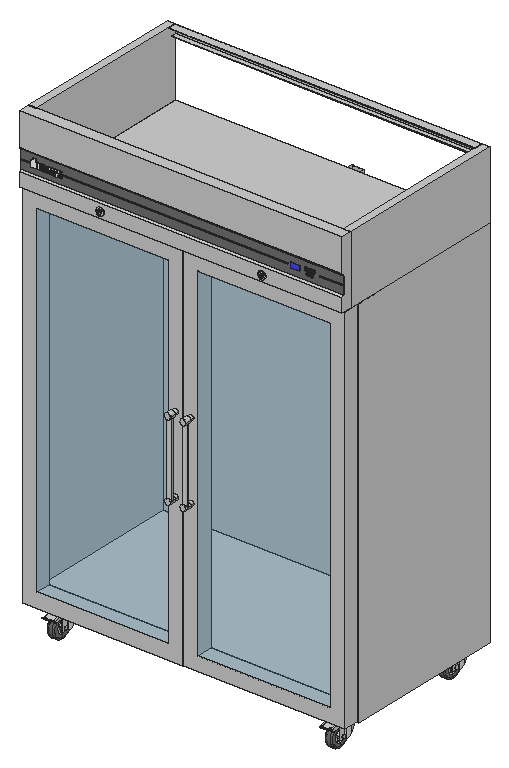
Revit family "QF_INOMAK_CFP2144_GL_250530024923", category Specialty Equipment, Revit 2021
Family settings
  Round Connector Dimension = Use Diameter
  Part Type = Normal
  OmniClass Number = 23.40.40.14
  OmniClass Title = Food Service Equipment
  Work Plane-Based = No
  Always vertical = Yes
  Cut with Voids When Loaded = No
  Shared = No
  Room Calculation Point = No
Parameters (values of type "CFP2144-GL")
  Weight [instance] = 243.00 kg
  Warranty Start Date [instance] = ""
  Warranty Duration [instance] = ""
  Volts [instance] = 230 V
  Volt Free Conn [instance] = no
  URL Recommended Spares List [instance] = ""
  URL Manufacturer [instance] = ""
  URL Cutsheet [instance] = ""
  URL Critical Spares List [instance] = ""
  URL = "www.inomak.com"
  Technical Documentation [instance] = ""
  Tag Number [instance] = ""
  Status [instance] = ""
  Start Up Current [instance] = 0 A
  Specification by User [instance] = ""
  Specification by Manufacturer [instance] = ""
  Sound Level [instance] = ""
  Show Logo [instance] = yes
  Show Clearances [instance] = yes
  Service Life Duration [instance] = ""
  Serial Number [instance] = ""
  Seismic Rating [instance] = ""
  SMACNA No [instance] = ""
  Revision Code [instance] = ""
  Revision [instance] = ""
  Production Year [instance] = ""
  Potential Equalisation [instance] = no
  Point Load [instance] = 0
  Phase [instance] = 1
  Other Equipment Approvals [instance] = ""
  Operational Current [instance] = 0 A
  Number of Poles [instance] = 2
  No Load Power Draw [instance] = no
  NAFEM Spec ID Number [instance] = ""
  Model Warning [instance] = ""
  Model = "CFP2144/GL"
  Min Ckt Ampacity [instance] = 0 A
  Max Overcurrent Protection [instance] = 10 A
  Masterspec [instance] = ""
  Manufacturer = "INOMAK"
  Main switch integrated [instance] = no
  Length Actual [instance] = 1440 mm
  Item Number [instance] = ""
  Installed By [instance] = ""
  Installation Date [instance] = ""
  Identify Quantity as Lot [instance] = no
  ID [instance] = ""
  Hygiene Approval [instance] = ""
  Height Actual [instance] = 2100 mm
  HP power [instance] = ""
  Furnished By [instance] = ""
  Foodservice Equipment Identifier [instance] = no
  FL Amps [instance] = 7.4 A
  Electrical Remarks [instance] = ""
  Electric power [instance] = 1280 W
  Electric Connection Type [instance] = ""
  Elec Conn RI Height [instance] = 0 mm
  Elec Conn Connection Height [instance] = 0 mm
  ETL Approved [instance] = no
  Description = "PRUNUS FREEZER CABINET WITH 2 GN 2/1 GLASS DOORS"
  Depth Actual [instance] = 860 mm
  Default Elevation = 0 mm
  Cycle [instance] = 50 Hz
  Cost = 0
  Connection to energy optimisation system [instance] = yes
  Conn Plug [instance] = ""
  Conn Conduit [instance] = no
  Centralized building control system with digital interface [instance] = ""
  CSI MasterFormat [instance] = ""
  CE Approved [instance] = no
  Barcode [instance] = 0
  Author [instance] = ""
  Asset Identifier [instance] = ""
  Apparent Power [instance] = 1280 VA
  Accessory [instance] = no
Reference planes
  plane 1 "Center (Front/Back)": y = 0
  plane 2: z = 0
  plane 3 "Center (Left/Right)": x = 0
Forms (mm)
  Extrusion 1, solid, not visible
    sketch origin (1210.059, -2, 1930.094) x (1, 0, 0) y (0, 1, 0)
      loop
        line (-2, 2) -> (-2, -2) -> (2, -2) -> (2, 2) -> (-2, 2)
    from -2 to 2
Dimensions and locks
  locked: Extrusion 1 to nested 2
  locked: nested 2 to Extrusion 1 at 2
  aligned and locked: level to plane 2
Nested families
  nested 1: "QF_INOMAK_REF_CABINETS_2144_GL_2920" at (0, 0, 130), type "CFP2144-GL"
    with Weight 243.00 kg, Warranty Start Date "", Warranty Duration "", URL Cutsheet "", Technical Documentation "", Tag Number "", Status "", Specification by User "", Specification by Manufacturer "", Sound Level "", Solid Fuel Type "", Show Clearances yes, Show Clearance yes, Service Life Duration "", Serial Number "", Seismic Rating "", SMACNA No "", Revision Code "", Revision "", Production Year "", Point Load 0, Other Equipment Approvals "", NAFEM Spec ID Number "", Model Warning "", Masterspec "", Length Actual 1440 mm, Item Number "", Installed By "", Installation Date "", Identify Quantity as Lot yes, ID "", Hygiene Approval "", Height Actual 2100 mm, Furnished By "", Foodservice Equipment Identifier yes, Finish none, ETL Approved yes, Depth Actual 860 mm, CSI MasterFormat "", CE Approved yes, Barcode "", Author "", Asset Identifier "", Accessory no
  nested 2: "CONN_POINT_ELE_2D___Generic_Annotation" at (1210.059, 0, 1930.094), type "CONN_POINT_ELE_2D___Generic_Annotation"
    with Onboard connection annotation symbol visibility yes
  nested 3: "QF_INOMAK_CASTORS_4775" at (0, 0, 0), type "CT-1440-830"
    with Weight 0.00 kg, Warranty Start Date "", Warranty Duration "", URL Cutsheet "", Technical Documentation "", Tag Number "", Status "", Specification by User "", Specification by Manufacturer "", Sound Level "", Solid Fuel Type "", Show Logo yes, Show Clearances yes, Service Life Duration "", Serial Number "", Seismic Rating "", SMACNA No "", Revision Code "", Revision "", Production Year "", Point Load 0, Other Equipment Approvals "", NAFEM Spec ID Number "", Model Warning "", Masterspec "", Length Actual 1440 mm, Item Number "", Installed By "", Installation Date "", Identify Quantity as Lot yes, ID "", Hygiene Approval "", Height Actual 130 mm, Furnished By "", Foodservice Equipment Identifier yes, ETL Approved yes, Depth Actual 830 mm, CSI MasterFormat "", CE Approved yes, Barcode "", Author "", Asset Identifier "", Accessory yes
Connectors
  electrical at (1210.059, 0, 1930.094), driven by "Apparent Power", driven by "Number of Poles", driven by "Volts"
    settings: on Extrusion 1, index 1, voltage 230 V, apparent load 0 VA, apparent load phase1 1280 VA, apparent load phase2 0 VA, apparent load phase3 0 VA, power factor 1, load classification "Other", number of poles 2, system type 31, power factor state 1, is connector primary yes, connector utility no, sub classification motor no, connector description "Electrical connection for CFP2144/GL"
Definition of nested family "QF_INOMAK_REF_CABINETS_2144_GL_2920"
  Parameters (values of type "CFP2144-SL-GL")
    Weight [instance] = 0.00 kg
    Warranty Start Date [instance] = ""
    Warranty Duration [instance] = ""
    URL Cutsheet [instance] = ""
    URL = "www.inomak.com"
    Technical Documentation [instance] = ""
    Tag Number [instance] = ""
    Status [instance] = ""
    Specification by User [instance] = ""
    Specification by Manufacturer [instance] = ""
    Sound Level [instance] = ""
    Solid Fuel Type [instance] = ""
    Show Logo = yes
    Show Clearances [instance] = yes
    Show Clearance [instance] = yes
    Service Life Duration [instance] = ""
    Serial Number [instance] = ""
    Seismic Rating [instance] = ""
    SMACNA No [instance] = ""
    Revision Code [instance] = ""
    Revision [instance] = ""
    Production Year [instance] = ""
    Point Load [instance] = 0
    Other Equipment Approvals [instance] = ""
    NAFEM Spec ID Number [instance] = ""
    Model Warning [instance] = ""
    Model = "CFP2144/SL/GL"
    Masterspec [instance] = ""
    Manufacturer = "INOMAK"
    Length Actual [instance] = 0 mm
    Length = 720 mm
    Item Number [instance] = ""
    Installed By [instance] = ""
    Installation Date [instance] = ""
    Identify Quantity as Lot [instance] = yes
    ID [instance] = ""
    Hygiene Approval [instance] = ""
    Height Actual [instance] = 0 mm
    Height = 1985 mm
    Furnished By [instance] = ""
    Foodservice Equipment Identifier [instance] = yes
    Finish [instance] = none
    ETL Approved [instance] = yes
    Description = "PRUNUS FREEZER CABINET WITH 2 GLASS DOORS, COMPACT DIMENSIONS"
    Depth Actual [instance] = 0 mm
    Depth = 724 mm
    Default Elevation = 0 mm
    CSI MasterFormat [instance] = ""
    CE Approved [instance] = yes
    Barcode [instance] = ""
    Author [instance] = ""
    Asset Identifier [instance] = ""
    Assembly Code = "E1090320"
    Accessory [instance] = yes
  Types (4, lengths in mm): name | Model | Description | Depth
    CEP2144-GL | "CEP2144/GL" | "PRUNUS CHILLER CABINET WITH 2 GN 2/1 GLASS DOORS" | 824
    CFP2144-GL | "CFP2144/GL" | "PRUNUS FREEZER CABINET WITH 2 GN 2/1 GLASS DOORS" | 824
    CEP2144-SL-GL | "CEP2144/SL/GL" | "PRUNUS CHILLER CABINET WITH 2 GLASS DOORS, COMPACT DIMENSIONS" | 724
    CFP2144-SL-GL | "CFP2144/SL/GL" | "PRUNUS FREEZER CABINET WITH 2 GLASS DOORS, COMPACT DIMENSIONS" | 724
  Reference planes
    plane 1 "Back": y = 0
    plane 2: z = 0
    plane 3 "Left": x = 0
    plane 4 "Right": x = 1440
    plane 5 "Front": y = -724
    plane 6 "Top": z = 1985
  Forms (mm)
    Extrusion 1, solid
      sketch origin (-1732.685, -724, 3995) x (-1, 0, 0) y (0, 0, 1)
        loop
          circle (-3004.815, -2199.02) r 6.965
        loop
          circle (-3021.846, -2199.02) r 6.965
        loop
          circle (-3038.855, -2199.02) r 6.965
        loop
          circle (-3013.341, -2217.021) r 6.965
        loop
          circle (-3030.35, -2217.021) r 6.965
        loop
          circle (-3004.815, -2199.02) r 3.965
        loop
          circle (-3021.846, -2199.02) r 3.965
        loop
          circle (-3038.855, -2199.02) r 3.965
        loop
          circle (-3013.341, -2217.021) r 3.965
        loop
          circle (-3030.35, -2217.021) r 3.965
      from 7.3 to 10.302
    Extrusion 2, solid
      sketch origin (-1732.685, -724, 3995) x (-1, 0, 0) y (0, 0, 1)
        loop
          line (-2977.026, -2195.289) -> (-2977.026, -2218.289) -> (-2937.026, -2218.289) -> (-2937.026, -2195.289) -> (-2977.026, -2195.289)
      from 7.3 to 10.302
    Extrusion 3, solid
      sketch origin (-1732.685, -724, 3995) x (-1, 0, 0) y (0, 0, 1)
        loop
          line (-1732.685, -2167.27) -> (-3172.685, -2167.27) -> (-3172.685, -2246.309) -> (-1732.685, -2246.309) -> (-1732.685, -2167.27)
      from 7.8 to 10.302
    Extrusion 4, solid, visible <- "Show Logo"
      sketch origin (-1732.685, -724, 3995) x (-1, 0, 0) y (0, 0, 1)
        loop
          line (-1776.745, -2194.74) -> (-1782.745, -2194.74) -> (-1782.745, -2183.633) -> (-1796.982, -2183.633) -> (-1796.982, -2194.74) -> (-1802.982, -2194.74) -> (-1802.982, -2220.99) -> (-1776.745, -2220.99) -> (-1776.745, -2194.74)
        loop
          line (-1807.298, -2195.052) -> (-1814.587, -2195.052) -> (-1814.587, -2220.99) -> (-1807.298, -2220.99) -> (-1807.298, -2195.052)
        loop
          line (-1817.107, -2220.99) -> (-1817.107, -2195.052) -> (-1823.94, -2195.052) -> (-1827.134, -2206.971) -> (-1827.134, -2195.052) -> (-1833.666, -2195.052) -> (-1833.666, -2220.99) -> (-1827.134, -2220.99) -> (-1823.42, -2207.127) -> (-1823.42, -2220.99) -> (-1817.107, -2220.99)
        loop
          line (-1854.348, -2220.99) -> (-1854.348, -2195.052) -> (-1863.311, -2195.052) -> (-1865.673, -2209.062) -> (-1868.035, -2195.052) -> (-1876.997, -2195.052) -> (-1876.997, -2220.99) -> (-1870.372, -2220.99) -> (-1870.372, -2207.127) -> (-1868.035, -2220.99) -> (-1863.311, -2220.99) -> (-1860.973, -2207.127) -> (-1860.973, -2220.99) -> (-1854.348, -2220.99)
        loop
          line (-1839.536, -2195.052) -> (-1848.861, -2195.052)
          arc (-1848.861, -2195.052) -> (-1851.458, -2196.128) -> (-1852.533, -2198.724) r 3.672
          line (-1852.533, -2198.724) -> (-1852.533, -2217.318)
          arc (-1852.533, -2217.318) -> (-1851.458, -2219.914) -> (-1848.861, -2220.99) r 3.672
          line (-1848.861, -2220.99) -> (-1839.536, -2220.99)
          arc (-1839.536, -2220.99) -> (-1836.939, -2219.914) -> (-1835.864, -2217.318) r 3.672
          line (-1835.864, -2217.318) -> (-1835.864, -2198.724)
          arc (-1835.864, -2198.724) -> (-1836.939, -2196.128) -> (-1839.536, -2195.052) r 3.672
        loop
          arc (-1843.172, -2198.208) -> (-1844.198, -2197.181) -> (-1845.225, -2198.208) r 1.027
          line (-1845.225, -2198.208) -> (-1845.225, -2216.801)
          arc (-1845.225, -2216.801) -> (-1844.198, -2217.828) -> (-1843.172, -2216.801) r 1.027
          line (-1843.172, -2216.801) -> (-1843.172, -2198.208)
        loop
          line (-1878.066, -2220.99) -> (-1882.439, -2195.052) -> (-1891.3, -2195.052) -> (-1895.673, -2220.99) -> (-1889.146, -2220.99) -> (-1888.536, -2216.027) -> (-1885.203, -2216.027) -> (-1884.593, -2220.99) -> (-1878.066, -2220.99)
        loop
          line (-1885.759, -2211.498) -> (-1886.87, -2202.452) -> (-1887.98, -2211.498) -> (-1885.759, -2211.498)
        loop
          line (-1896.638, -2220.99) -> (-1896.638, -2195.052) -> (-1903.263, -2195.052) -> (-1903.263, -2204.165) -> (-1906.049, -2195.052) -> (-1913.487, -2195.052) -> (-1909.159, -2206.329) -> (-1914.207, -2220.99) -> (-1906.623, -2220.99) -> (-1903.263, -2208.45) -> (-1903.263, -2220.99) -> (-1896.638, -2220.99)
      from 7.3 to 10.3
    Extrusion 5, solid
      sketch origin (-1732.685, -724, 3995) x (-1, 0, 0) y (0, 0, 1)
        loop
          line (-1732.685, -2204.789) -> (-1769.679, -2204.789) -> (-1769.679, -2208.789) -> (-1732.685, -2208.789) -> (-1732.685, -2204.789)
        loop
          line (-1918.161, -2204.789) -> (-2922.526, -2204.789) -> (-2922.526, -2208.789) -> (-1918.161, -2208.789) -> (-1918.161, -2204.789)
        loop
          line (-3172.685, -2204.789) -> (-3172.685, -2208.789) -> (-3064.916, -2208.789) -> (-3064.916, -2204.789) -> (-3172.685, -2204.789)
      from 7.3 to 10.302
    Extrusion 6, solid, material <- "Finish"
      sketch origin (0, 24.612, -1987) x (0, 1, 0) y (0, 0, 1)
        loop
          line (-748.612, 3972) -> (-748.612, 3823.032) -> (-740.31, 3814.73) -> (-740.31, 3735.691) -> (-748.612, 3727.389) -> (-748.612, 3667) -> (-698.612, 3667) -> (-698.612, 3972) -> (-748.612, 3972)
      from 0 to 1440
    Extrusion 7, solid, material <- "Finish"
      sketch origin (0, 1874.371, 1985) x (0, 1, 0) y (-1, 0, 0)
        loop
          line (-2548.371, 0) -> (-2548.371, -35) -> (-1874.371, -35) -> (-1874.371, 0) -> (-2548.371, 0)
      from 0 to -305
    Extrusion 8, solid, material <- "Finish"
      sketch origin (0, 1874.371, 1985) x (0, 1, 0) y (-1, 0, 0)
        loop
          line (-2548.371, -1440) -> (-1874.371, -1440) -> (-1874.371, -1405) -> (-2548.371, -1405) -> (-2548.371, -1440)
      from 0 to -305
    Extrusion 9, solid, material <- "Finish"
      sketch origin (360, 24.612, -1987) x (0, 1, 0) y (0, 0, 1)
        loop
          line (-698.612, 3863.915) -> (-698.612, 3667) -> (-578.934, 3667) -> (-578.934, 3744.237) -> (-698.612, 3863.915)
      from -325 to 1045
    Extrusion 10, solid, material <- "Finish"
      sketch origin (40, 24.612, -123) x (0, 1, 0) y (0, 0, 1)
        loop
          line (-575.378, 1913.946) -> (-590.935, 1929.502) -> (-609.143, 1911.294) -> (-607.729, 1909.88) -> (-590.935, 1926.674) -> (-576.793, 1912.532) -> (-575.378, 1913.946)
      from 114.953 to 225
    Extrusion 11, solid, material <- "Finish"
      sketch origin (0, 30.903, -1982) x (0, 1, 0) y (0, 0, 1)
        loop
          line (-30.903, 3967) -> (-70.903, 3967) -> (-70.903, 3965) -> (-32.903, 3965) -> (-32.903, 3929) -> (-55.903, 3929) -> (-55.903, 3927) -> (-30.903, 3927) -> (-30.903, 3967)
      from 35 to 1405
    Extrusion 12, solid, material <- "Finish"
      sketch origin (0, 30.903, -118) x (0, 1, 0) y (0, 0, 1)
        loop
          line (-30.903, 1798) -> (-664.903, 1798) -> (-664.903, 1733) -> (-100.876, 1733) -> (-100.876, 188) -> (-664.903, 188) -> (-664.903, 118) -> (-30.903, 118) -> (-30.903, 1798)
      from 35 to 1405
    Extrusion 13, solid, material <- "Finish"
      sketch origin (0, 30.903, -415.687) x (1, 0, 0) y (0, 1, 0)
        loop
          line (0, -664.903) -> (35, -664.903) -> (35, -30.903) -> (0, -30.903) -> (0, -664.903)
      from 415.687 to 2095.687
    Extrusion 14, solid, material <- "Finish"
      sketch origin (720, 30.903, -415.687) x (-1, 0, 0) y (0, -1, 0)
        loop
          line (-720, 664.903) -> (-720, 30.903) -> (-685, 30.903) -> (-685, 664.903) -> (-720, 664.903)
      from 415.687 to 2095.687
    Revolve 15, solid
      sketch origin (358.942, 24.612, -1987) x (0, 1, 0) y (0, 0, 1)
        loop
          line (-751.012, 3694.152) -> (-748.612, 3694.152) -> (-748.612, 3711.145) -> (-749.612, 3711.145) -> (-753.012, 3706.633) -> (-753.012, 3702.998) -> (-751.012, 3702.998) -> (-751.012, 3694.152)
        axis (-748.612, 3694.152) -> (-753.012, 3694.152)
      angle from 0 to 360
    Extrusion 16, solid
      sketch origin (-2452.685, -724, 3995) x (-1, 0, 0) y (0, 0, 1)
        loop
          line (-2810.827, -2284.348) -> (-2812.827, -2284.348) -> (-2812.827, -2291.348) -> (-2810.827, -2291.348) -> (-2810.827, -2284.348)
        loop
          circle (-2811.627, -2287.848) r 7.846
      from -4.4 to -2.4
    Revolve 17, solid
      sketch origin (1081.058, 24.612, -1987) x (0, 1, 0) y (0, 0, -1)
        loop
          line (-751.012, -3694.152) -> (-751.012, -3702.998) -> (-753.012, -3702.998) -> (-753.012, -3706.633) -> (-749.612, -3711.145) -> (-748.612, -3711.145) -> (-748.612, -3694.152) -> (-751.012, -3694.152)
        axis (-748.612, -3694.152) -> (-753.012, -3694.152)
      angle from 0 to 360
    Extrusion 18, solid
      sketch origin (3892.685, -724, 3995) x (1, 0, 0) y (0, 0, -1)
        loop
          line (-2810.827, 2284.348) -> (-2810.827, 2291.348) -> (-2812.827, 2291.348) -> (-2812.827, 2284.348) -> (-2810.827, 2284.348)
        loop
          circle (-2811.627, 2287.848) r 7.846
      from -4.4 to -2.4
    Extrusion 19, solid, material <- "Finish"
      sketch origin (1400, 24.612, -123) x (0, 1, 0) y (0, 0, -1)
        loop
          line (-575.378, -1913.946) -> (-576.793, -1912.532) -> (-590.935, -1926.674) -> (-607.729, -1909.88) -> (-609.143, -1911.294) -> (-590.935, -1929.502) -> (-575.378, -1913.946)
      from 114.953 to 225
    Extrusion 20, solid, visible <- "Show Clearance", detail levels coarse
      sketch origin (872.304, -180, -18) x (-1, 0, 0) y (0, -1, 0)
        loop
          line (872.304, 1194) -> (804.804, 1194)
          arc (804.804, 1194) -> (343.136, 995.768) -> (154.74, 530) r 660.076
          line (154.74, 530) -> (872.304, 530) -> (872.304, 1194)
      from 28 to 1695
    Extrusion 21, solid, visible <- "Show Clearance", detail levels coarse
      sketch origin (567.696, -180, -18) x (1, 0, 0) y (0, 1, 0)
        loop
          line (872.304, -1194) -> (872.304, -530) -> (154.74, -530)
          arc (154.74, -530) -> (343.136, -995.768) -> (804.804, -1194) r 660.076
          line (804.804, -1194) -> (872.304, -1194)
      from 28 to 1695
    Extrusion 22, solid, material <- "Finish"
      sketch origin (-1732.685, -724, 4000) x (-1, 0, 0) y (0, 0, 1)
        loop
          line (-2450.185, -2323) -> (-2450.185, -3990) -> (-1732.685, -3990) -> (-1732.685, -2323) -> (-2450.185, -2323)
        loop
          line (-2387.435, -2387) -> (-2387.435, -3926) -> (-1795.435, -3926) -> (-1795.435, -2387) -> (-2387.435, -2387)
      from 14 to 84
    Extrusion 23, solid
      sketch origin (-1732.685, -724, 4000) x (-1, 0, 0) y (0, 0, 1)
        loop
          circle (-2418.185, -2984) r 13
      from -6 to -31
    Extrusion 24, solid
      sketch origin (-1732.685, -724, 4000) x (-1, 0, 0) y (0, 0, 1)
        loop
          circle (-2418.185, -2984) r 10
      from -6 to 14
    Extrusion 25, solid
      sketch origin (-1732.685, -724, 4000) x (-1, 0, 0) y (0, 0, 1)
        loop
          circle (-2418.185, -3326) r 13
      from -6 to -31
    Extrusion 26, solid
      sketch origin (-1732.685, -724, 4000) x (-1, 0, 0) y (0, 0, 1)
        loop
          circle (-2418.185, -3326) r 10
      from -6 to 14
    Extrusion 27, solid
      sketch origin (717.5, -836, 0) x (-1, 0, 0) y (0, -1, 0)
        loop
          circle (32, -93.5) r 10
      from 673.205 to 1013.123
    Extrusion 28, solid
      sketch origin (-1732.685, -724, 4000) x (-1, 0, 0) y (0, 0, 1)
        loop
          line (-2387.435, -2387) -> (-2387.435, -3926) -> (-1795.435, -3926) -> (-1795.435, -2387) -> (-2387.435, -2387)
      from 14 to 84
    Extrusion 29, solid, material <- "Finish"
      sketch origin (-1732.685, -724, 4000) x (-1, 0, 0) y (0, 0, 1)
        loop
          line (-2455.185, -2323) -> (-3172.685, -2323) -> (-3172.685, -3990) -> (-2455.185, -3990) -> (-2455.185, -2323)
        loop
          line (-2517.935, -2387) -> (-3109.935, -2387) -> (-3109.935, -3926) -> (-2517.935, -3926) -> (-2517.935, -2387)
      from 14 to 84
    Extrusion 30, solid
      sketch origin (-1732.685, -724, 4000) x (-1, 0, 0) y (0, 0, 1)
        loop
          circle (-2487.185, -2984) r 13
      from -6 to -31
    Extrusion 31, solid
      sketch origin (-1732.685, -724, 4000) x (-1, 0, 0) y (0, 0, 1)
        loop
          circle (-2487.185, -2984) r 10
      from -6 to 14
    Extrusion 32, solid
      sketch origin (-1732.685, -724, 4000) x (-1, 0, 0) y (0, 0, 1)
        loop
          circle (-2487.185, -3326) r 13
      from -6 to -31
    Extrusion 33, solid
      sketch origin (-1732.685, -724, 4000) x (-1, 0, 0) y (0, 0, 1)
        loop
          circle (-2487.185, -3326) r 10
      from -6 to 14
    Extrusion 34, solid
      sketch origin (722.5, -836, 0) x (1, 0, 0) y (0, 1, 0)
        loop
          circle (32, 93.5) r 10
      from 673.205 to 1013.123
    Extrusion 35, solid
      sketch origin (-1732.685, -724, 4000) x (-1, 0, 0) y (0, 0, 1)
        loop
          line (-2517.935, -2387) -> (-3109.935, -2387) -> (-3109.935, -3926) -> (-2517.935, -3926) -> (-2517.935, -2387)
      from 14 to 84
    Extrusion 36, solid, material <- "Finish"
      sketch origin (360, 30.903, -118) x (1, 0, 0) y (0, 1, 0)
        loop
          line (187, 5.097) -> (187, -29.903) -> (175, -29.903) -> (175, -30.903) -> (545, -30.903) -> (545, -29.903) -> (533, -29.903) -> (533, 5.097) -> (187, 5.097)
      from 1156 to 1531
    Extrusion 37, solid, material <- "Finish"
      sketch origin (460, 30.903, -118) x (1, 0, 0) y (0, 1, 0)
        loop
          line (339, 0.097) -> (339, -29.903) -> (325, -29.903) -> (325, -30.903) -> (340, -30.903) -> (340, -0.903) -> (393, -0.903) -> (393, -30.903) -> (408, -30.903) -> (408, -29.903) -> (394, -29.903) -> (394, 0.097) -> (339, 0.097)
      from 1531 to 1793
  Lines and regions (mm)
    symbolic lines
      curve 1: line (0, 0, 0) -> (1440, 0, 0)
      curve 2: line (0, -724, 0) -> (0, 0, 0)
      curve 3: line (1440, -724, 0) -> (0, -724, 0)
      curve 4: line (1440, 0, 0) -> (1440, -724, 0)
      curve 5: line (35, 0, 0) -> (35, -674, 0)
      curve 6: line (35, -674, 0) -> (1405, -674, 0)
      curve 7: line (1405, -674, 0) -> (1405, 0, 0)
      curve 8: line (35, -40, 0) -> (1405, -40, 0)
      curve 9: line (35, -554.322, 0) -> (1405, -554.322, 0)
      curve 16: line (547, 1, 0) -> (547, 36, 0)
      curve 17: line (547, 36, 0) -> (893, 36, 0)
      curve 18: line (893, 36, 0) -> (893, 1, 0)
      curve 19: line (547, 1, 0) -> (535, 1, 0)
      curve 20: line (535, 1, 0) -> (535, 0, 0)
      curve 21: line (893, 1, 0) -> (905, 1, 0)
      curve 22: line (905, 1, 0) -> (905, 0, 0)
      curve 23: line (785, 0, 0) -> (785, 1, 0)
      curve 24: line (785, 1, 0) -> (799, 1, 0)
      curve 25: line (799, 1, 0) -> (799, 31, 0)
      curve 26: line (799, 31, 0) -> (854, 31, 0)
      curve 27: line (854, 31, 0) -> (854, 1, 0)
      curve 28: line (854, 1, 0) -> (868, 1, 0)
      curve 29: line (868, 1, 0) -> (868, 0, 0)
    symbolic lines, visible <- "Show Clearance"
      curve 10: line (67.5, -1374, 0) -> (0, -1374, 0)
      curve 11: line (0, -1374, 0) -> (0, -724, 0)
      curve 12: arc (717.5, -724, 0) -> (524.244, -1180.744, 0) -> (67.5, -1374, 0) r 660.076
      curve 13: line (1372.5, -1374, 0) -> (1440, -1374, 0)
      curve 14: line (1440, -1374, 0) -> (1440, -724, 0)
      curve 15: arc (722.5, -724, 0) -> (915.756, -1180.744, 0) -> (1372.5, -1374, 0) r 660.076
  Dimensions and locks
    plane 3 "Left" to plane 4 "Right" = 1440 mm
    "Depth": plane 5 "Front" to plane 1 "Back"
    "Height": plane 6 "Top" to level
    plane 6 "Top" to level = 1985 mm
    aligned and locked: level to plane 2
  Automatic sketch dimensions
    curve 11 to plane 3 "Left" = 0 mm
    plane 1 "Back" to curve 5 = 0 mm
    curve 12 to plane 5 "Front" = 0 mm
    curve 13 to plane 4 "Right" = 0 mm
    plane 3 "Left" to curve 6 = 35 mm
    plane 5 "Front" to curve 12 = 10 mm
    curve 5 to curve 12 = 22.5 mm
    curve 10 to curve 10 = 67.5 mm
    plane 4 "Right" to curve 13 = 67.5 mm
    plane 5 "Front" to curve 15 = 10 mm
    plane 4 "Right" to curve 15 = 57.5 mm
    plane 4 "Right" to curve 6 = 35 mm
    curve 11 to plane 5 "Front" = 650 mm
    curve 14 to plane 5 "Front" = 650 mm
    curve 15 to curve 6 = 40 mm
    plane 1 "Back" to curve 8 = 40 mm
    Extrusion 1 sketch curve to Extrusion 1 sketch curve = 0 mm  (x13)
    plane 4 "Right" to Extrusion 1 sketch curve = 133.83 mm
    Extrusion 1 sketch curve to Extrusion 1 sketch curve = 8.505 mm
    Extrusion 1 sketch curve to Extrusion 1 sketch curve = 17.009 mm  (x2)
    Extrusion 1 sketch curve to Extrusion 1 sketch curve = 17.03 mm
    Extrusion 1 sketch curve to plane 6 "Top" = 207.021 mm
    Extrusion 1 sketch curve to Extrusion 1 sketch curve = 18.001 mm
    plane 4 "Right" to Extrusion 2 sketch curve = 195.659 mm
    Extrusion 2 sketch curve to Extrusion 2 sketch curve = 40 mm
    Extrusion 2 sketch curve to plane 6 "Top" = 208.289 mm
    Extrusion 2 sketch curve to Extrusion 2 sketch curve = 23 mm
    plane 4 "Right" to Extrusion 3 sketch curve = 0 mm
    Extrusion 3 sketch curve to plane 3 "Left" = 0 mm
    Extrusion 3 sketch curve to plane 6 "Top" = 236.309 mm
    Extrusion 3 sketch curve to Extrusion 3 sketch curve = 79.039 mm
    plane 3 "Left" to Extrusion 4 sketch curve = 181.522 mm
    Extrusion 4 sketch curve to Extrusion 4 sketch curve = 0.72 mm
    Extrusion 4 sketch curve to Extrusion 4 sketch curve = 4.329 mm
    Extrusion 4 sketch curve to Extrusion 4 sketch curve = 7.584 mm
    Extrusion 4 sketch curve to Extrusion 4 sketch curve = 7.438 mm
    Extrusion 4 sketch curve to Extrusion 4 sketch curve = 5.895 mm
    Extrusion 4 sketch curve to Extrusion 4 sketch curve = 0 mm  (x16)
    Extrusion 4 sketch curve to Extrusion 4 sketch curve = 6.625 mm  (x2)
    Extrusion 4 sketch curve to Extrusion 4 sketch curve = 0.965 mm
    Extrusion 4 sketch curve to Extrusion 4 sketch curve = 5.338 mm
    Extrusion 4 sketch curve to Extrusion 4 sketch curve = 6.527 mm  (x2)
    Extrusion 4 sketch curve to Extrusion 4 sketch curve = 0.609 mm
    Extrusion 4 sketch curve to Extrusion 4 sketch curve = 0.556 mm
    Extrusion 4 sketch curve to Extrusion 4 sketch curve = 4.43 mm  (x2)
    Extrusion 4 sketch curve to Extrusion 4 sketch curve = 2.222 mm
    Extrusion 4 sketch curve to Extrusion 4 sketch curve = 3.334 mm
    Extrusion 4 sketch curve to Extrusion 4 sketch curve = 4.552 mm
    Extrusion 4 sketch curve to Extrusion 4 sketch curve = 1.069 mm
    Extrusion 4 sketch curve to Extrusion 4 sketch curve = 8.962 mm  (x2)
    Extrusion 4 sketch curve to Extrusion 4 sketch curve = 2.337 mm
    Extrusion 4 sketch curve to Extrusion 4 sketch curve = 4.699 mm  (x2)
    Extrusion 4 sketch curve to Extrusion 4 sketch curve = 4.724 mm  (x2)
    Extrusion 4 sketch curve to Extrusion 4 sketch curve = 1.815 mm
    Extrusion 4 sketch curve to Extrusion 4 sketch curve = 3.672 mm  (x6)
    Extrusion 4 sketch curve to Extrusion 4 sketch curve = 3.636 mm  (x3)
    Extrusion 4 sketch curve to Extrusion 4 sketch curve = 1.027 mm
    Extrusion 4 sketch curve to Extrusion 4 sketch curve = 2.197 mm
    Extrusion 4 sketch curve to Extrusion 4 sketch curve = 6.532 mm  (x2)
    Extrusion 4 sketch curve to Extrusion 4 sketch curve = 3.194 mm
    Extrusion 4 sketch curve to Extrusion 4 sketch curve = 3.714 mm
    Extrusion 4 sketch curve to Extrusion 4 sketch curve = 6.312 mm
    Extrusion 4 sketch curve to Extrusion 4 sketch curve = 2.52 mm
    Extrusion 4 sketch curve to Extrusion 4 sketch curve = 7.29 mm
    Extrusion 4 sketch curve to Extrusion 4 sketch curve = 4.315 mm
    Extrusion 4 sketch curve to Extrusion 4 sketch curve = 6 mm
    Extrusion 4 sketch curve to Extrusion 4 sketch curve = 14.237 mm
    Extrusion 4 sketch curve to Extrusion 4 sketch curve = 26.237 mm
    Extrusion 4 sketch curve to plane 6 "Top" = 210.99 mm
    Extrusion 4 sketch curve to Extrusion 4 sketch curve = 0.516 mm  (x2)
    Extrusion 4 sketch curve to Extrusion 4 sketch curve = 4.963 mm
    Extrusion 4 sketch curve to Extrusion 4 sketch curve = 4.529 mm
    Extrusion 4 sketch curve to Extrusion 4 sketch curve = 11.927 mm
    Extrusion 4 sketch curve to Extrusion 4 sketch curve = 12.539 mm
    Extrusion 4 sketch curve to Extrusion 4 sketch curve = 1.935 mm  (x2)
    Extrusion 4 sketch curve to Extrusion 4 sketch curve = 13.862 mm
    Extrusion 4 sketch curve to Extrusion 4 sketch curve = 0.157 mm
    Extrusion 4 sketch curve to Extrusion 4 sketch curve = 2.122 mm
    Extrusion 4 sketch curve to Extrusion 4 sketch curve = 4.285 mm
    Extrusion 4 sketch curve to Extrusion 4 sketch curve = 9.047 mm
    Extrusion 4 sketch curve to Extrusion 4 sketch curve = 8.403 mm
    Extrusion 4 sketch curve to Extrusion 4 sketch curve = 12.075 mm
    Extrusion 4 sketch curve to Extrusion 4 sketch curve = 26.25 mm
    Extrusion 4 sketch curve to Extrusion 4 sketch curve = 0.312 mm
    Extrusion 4 sketch curve to Extrusion 4 sketch curve = 11.107 mm
    plane 4 "Right" to Extrusion 5 sketch curve = 0 mm
    Extrusion 5 sketch curve to plane 3 "Left" = 0 mm
    Extrusion 5 sketch curve to Extrusion 5 sketch curve = 107.768 mm
    Extrusion 5 sketch curve to Extrusion 5 sketch curve = 142.39 mm
    plane 3 "Left" to Extrusion 5 sketch curve = 185.476 mm
    plane 3 "Left" to Extrusion 5 sketch curve = 36.995 mm
    Extrusion 5 sketch curve to plane 6 "Top" = 198.789 mm
    Extrusion 5 sketch curve to Extrusion 5 sketch curve = 0 mm  (x2)
    Extrusion 5 sketch curve to Extrusion 5 sketch curve = 4 mm  (x3)
    Extrusion 6 sketch curve to plane 5 "Front" = 0 mm  (x2)
    Extrusion 6 sketch curve to plane 6 "Top" = 0 mm
    plane 5 "Front" to Extrusion 6 sketch curve = 8.302 mm
    Extrusion 6 sketch curve to Extrusion 6 sketch curve = 50 mm
    Extrusion 6 sketch curve to plane 6 "Top" = 148.968 mm
    Extrusion 6 sketch curve to Extrusion 6 sketch curve = 8.302 mm  (x2)
    Extrusion 6 sketch curve to Extrusion 6 sketch curve = 79.039 mm
    Extrusion 6 sketch curve to Extrusion 6 sketch curve = 60.389 mm
    plane 5 "Front" to Extrusion 9 sketch curve = 50 mm
    Extrusion 9 sketch curve to Extrusion 9 sketch curve = 119.678 mm
    Extrusion 9 sketch curve to plane 6 "Top" = 305 mm
    Extrusion 9 sketch curve to Extrusion 9 sketch curve = 77.237 mm
    Extrusion 9 sketch curve to plane 6 "Top" = 108.085 mm
    plane 5 "Front" to Extrusion 10 sketch curve = 139.47 mm
    Extrusion 10 sketch curve to Extrusion 10 sketch curve = 1.414 mm  (x2)
    Extrusion 10 sketch curve to Extrusion 10 sketch curve = 16.794 mm
    Extrusion 10 sketch curve to Extrusion 10 sketch curve = 0 mm
    Extrusion 10 sketch curve to Extrusion 10 sketch curve = 14.142 mm
    Extrusion 10 sketch curve to plane 6 "Top" = 198.12 mm
    Extrusion 11 sketch curve to plane 6 "Top" = 0 mm
    Extrusion 11 sketch curve to plane 1 "Back" = 0 mm
    plane 1 "Back" to Extrusion 11 sketch curve = 2 mm
    Extrusion 11 sketch curve to Extrusion 11 sketch curve = 23 mm
    Extrusion 11 sketch curve to Extrusion 11 sketch curve = 38 mm
    Extrusion 11 sketch curve to Extrusion 11 sketch curve = 2 mm  (x2)
    Extrusion 11 sketch curve to Extrusion 11 sketch curve = 36 mm
    Extrusion 12 sketch curve to level = 0 mm
    Extrusion 12 sketch curve to plane 1 "Back" = 0 mm
    plane 1 "Back" to Extrusion 12 sketch curve = 69.973 mm
    plane 5 "Front" to Extrusion 12 sketch curve = 90 mm  (x2)
    level to Extrusion 12 sketch curve = 70 mm
    Extrusion 12 sketch curve to plane 6 "Top" = 370 mm
    Extrusion 12 sketch curve to Extrusion 12 sketch curve = 65 mm
    plane 1 "Back" to Extrusion 13 sketch curve = 0 mm
    Extrusion 13 sketch curve to plane 3 "Left" = 0 mm
    plane 3 "Left" to Extrusion 13 sketch curve = 35 mm
    plane 5 "Front" to Extrusion 13 sketch curve = 90 mm
    plane 1 "Back" to Extrusion 14 sketch curve = 0 mm
    Extrusion 14 sketch curve to plane 4 "Right" = 0 mm
    Extrusion 14 sketch curve to Extrusion 14 sketch curve = 35 mm
    plane 5 "Front" to Extrusion 14 sketch curve = 90 mm
    Revolve 15 sketch curve to plane 5 "Front" = 0 mm
    Revolve 15 sketch curve to plane 5 "Front" = 1 mm
    Revolve 15 sketch curve to plane 5 "Front" = 2.4 mm
    Revolve 15 sketch curve to Revolve 15 sketch curve = 2 mm
    Revolve 15 sketch curve to plane 6 "Top" = 277.848 mm
    Revolve 15 sketch curve to Revolve 15 sketch curve = 8.846 mm
    Revolve 15 sketch curve to Revolve 15 sketch curve = 3.635 mm
    Revolve 15 sketch curve to Revolve 15 sketch curve = 4.512 mm
    Revolve 15 sketch curve to Revolve 15 sketch curve = 0 mm  (x2)
    Revolve 15 sketch curve to Revolve 15 sketch curve = 4.096 mm
    plane 3 "Left" to Extrusion 16 sketch curve = 360.142 mm
    Extrusion 16 sketch curve to Extrusion 16 sketch curve = 1.2 mm
    Extrusion 16 sketch curve to Extrusion 16 sketch curve = 2 mm
    Extrusion 16 sketch curve to plane 6 "Top" = 281.348 mm
    Extrusion 16 sketch curve to Extrusion 16 sketch curve = 3.5 mm  (x2)
    Revolve 17 sketch curve to plane 5 "Front" = 0 mm
    Revolve 17 sketch curve to plane 5 "Front" = 1 mm
    Revolve 17 sketch curve to plane 5 "Front" = 2.4 mm
    Revolve 17 sketch curve to Revolve 17 sketch curve = 2 mm
    Revolve 17 sketch curve to plane 6 "Top" = 260.855 mm
    Revolve 17 sketch curve to Revolve 17 sketch curve = 4.512 mm
    Revolve 17 sketch curve to Revolve 17 sketch curve = 3.635 mm
    Revolve 17 sketch curve to Revolve 17 sketch curve = 8.846 mm
    Revolve 17 sketch curve to Revolve 17 sketch curve = 0 mm  (x2)
    Revolve 17 sketch curve to Revolve 17 sketch curve = 4.096 mm
    plane 4 "Right" to Extrusion 18 sketch curve = 360.142 mm
    Extrusion 18 sketch curve to Extrusion 18 sketch curve = 1.2 mm
    Extrusion 18 sketch curve to Extrusion 18 sketch curve = 2 mm
    Extrusion 18 sketch curve to plane 6 "Top" = 274.348 mm
    Extrusion 18 sketch curve to Extrusion 18 sketch curve = 3.5 mm  (x2)
    plane 5 "Front" to Extrusion 19 sketch curve = 139.47 mm
    Extrusion 19 sketch curve to Extrusion 19 sketch curve = 1.414 mm
    Extrusion 19 sketch curve to Extrusion 19 sketch curve = 16.794 mm
    Extrusion 19 sketch curve to Extrusion 19 sketch curve = 0 mm
    Extrusion 19 sketch curve to Extrusion 19 sketch curve = 14.142 mm
    Extrusion 19 sketch curve to plane 6 "Top" = 178.498 mm
    Extrusion 19 sketch curve to Extrusion 19 sketch curve = 12.728 mm
    Extrusion 20 sketch curve to plane 3 "Left" = 0 mm
    plane 5 "Front" to Extrusion 20 sketch curve = 10 mm
    plane 3 "Left" to Extrusion 20 sketch curve = 57.5 mm
    plane 3 "Left" to Extrusion 20 sketch curve = 67.5 mm
    plane 5 "Front" to Extrusion 20 sketch curve = 14 mm
    Extrusion 20 sketch curve to Extrusion 20 sketch curve = 660.064 mm
    Extrusion 21 sketch curve to plane 4 "Right" = 0 mm
    plane 5 "Front" to Extrusion 21 sketch curve = 10 mm
    plane 4 "Right" to Extrusion 21 sketch curve = 57.5 mm
    plane 4 "Right" to Extrusion 21 sketch curve = 67.5 mm
    plane 5 "Front" to Extrusion 21 sketch curve = 14 mm
    Extrusion 21 sketch curve to Extrusion 21 sketch curve = 660.064 mm
    Extrusion 27 sketch curve to plane 5 "Front" = 18.5 mm
    plane 3 "Left" to Extrusion 27 sketch curve = 685.5 mm
    Extrusion 34 sketch curve to plane 5 "Front" = 18.5 mm
    plane 4 "Right" to Extrusion 34 sketch curve = 685.5 mm
    curve 6 to curve 9 = 119.678 mm
    Extrusion 22 sketch curve to plane 3 "Left" = 0 mm
    plane 3 "Left" to Extrusion 22 sketch curve = 62.75 mm
    level to Extrusion 22 sketch curve = 74 mm
    Extrusion 22 sketch curve to Extrusion 22 sketch curve = 592 mm
    Extrusion 22 sketch curve to Extrusion 22 sketch curve = 62.75 mm
    level to Extrusion 22 sketch curve = 10 mm
    Extrusion 22 sketch curve to plane 6 "Top" = 372 mm
    Extrusion 22 sketch curve to Extrusion 22 sketch curve = 64 mm
    level to Extrusion 28 sketch curve = 74 mm
    plane 3 "Left" to Extrusion 28 sketch curve = 654.75 mm
    plane 3 "Left" to Extrusion 28 sketch curve = 62.75 mm
    Extrusion 28 sketch curve to plane 6 "Top" = 372 mm
    plane 4 "Right" to Extrusion 29 sketch curve = 0 mm
    plane 4 "Right" to Extrusion 29 sketch curve = 62.75 mm
    Extrusion 29 sketch curve to Extrusion 29 sketch curve = 592 mm
    Extrusion 29 sketch curve to Extrusion 29 sketch curve = 62.75 mm
    level to Extrusion 29 sketch curve = 10 mm
    level to Extrusion 29 sketch curve = 74 mm
    Extrusion 29 sketch curve to plane 6 "Top" = 372 mm
    Extrusion 29 sketch curve to Extrusion 29 sketch curve = 64 mm
    plane 4 "Right" to Extrusion 35 sketch curve = 62.75 mm
    level to Extrusion 35 sketch curve = 74 mm
    Extrusion 35 sketch curve to Extrusion 35 sketch curve = 592 mm
    Extrusion 35 sketch curve to plane 6 "Top" = 372 mm
    plane 3 "Left" to Extrusion 23 sketch curve = 685.5 mm
    Extrusion 23 sketch curve to plane 6 "Top" = 969 mm
    plane 3 "Left" to Extrusion 25 sketch curve = 685.5 mm
    level to Extrusion 25 sketch curve = 674 mm
    plane 4 "Right" to Extrusion 30 sketch curve = 685.5 mm
    Extrusion 30 sketch curve to plane 6 "Top" = 969 mm
    plane 4 "Right" to Extrusion 32 sketch curve = 685.5 mm
    level to Extrusion 32 sketch curve = 674 mm
    plane 3 "Left" to Extrusion 24 sketch curve = 685.5 mm
    Extrusion 24 sketch curve to plane 6 "Top" = 969 mm
    plane 3 "Left" to Extrusion 26 sketch curve = 685.5 mm
    level to Extrusion 26 sketch curve = 674 mm
    plane 4 "Right" to Extrusion 31 sketch curve = 685.5 mm
    Extrusion 31 sketch curve to plane 6 "Top" = 969 mm
    plane 4 "Right" to Extrusion 33 sketch curve = 685.5 mm
    level to Extrusion 33 sketch curve = 674 mm
    Extrusion 7 sketch curve to plane 3 "Left" = 0 mm
    plane 1 "Back" to Extrusion 7 sketch curve = 0 mm
    plane 5 "Front" to Extrusion 7 sketch curve = 50 mm
    plane 3 "Left" to Extrusion 7 sketch curve = 35 mm
    Extrusion 8 sketch curve to plane 4 "Right" = 0 mm
    plane 1 "Back" to Extrusion 8 sketch curve = 0 mm
    plane 5 "Front" to Extrusion 8 sketch curve = 50 mm
    plane 4 "Right" to Extrusion 8 sketch curve = 35 mm
    curve 19 to plane 1 "Back" = 1 mm
    curve 5 to curve 19 = 500 mm
    curve 19 to curve 16 = 12 mm
    curve 16 to curve 23 = 238 mm
    curve 24 to plane 1 "Back" = 1 mm
    curve 23 to curve 24 = 14 mm
    curve 25 to curve 27 = 55 mm
    curve 29 to plane 1 "Back" = 1 mm
    curve 27 to curve 29 = 14 mm
    curve 26 to curve 17 = 39 mm
    curve 21 to plane 1 "Back" = 1 mm
    curve 18 to curve 21 = 12 mm
    curve 27 to curve 26 = 30 mm
    curve 16 to curve 17 = 35 mm
    plane 1 "Back" to Extrusion 36 sketch curve = 0 mm
    Extrusion 36 sketch curve to plane 1 "Back" = 1 mm  (x2)
    plane 3 "Left" to Extrusion 36 sketch curve = 535 mm
    Extrusion 36 sketch curve to Extrusion 36 sketch curve = 12 mm  (x2)
    Extrusion 36 sketch curve to plane 1 "Back" = 36 mm
    Extrusion 36 sketch curve to Extrusion 36 sketch curve = 346 mm
    plane 1 "Back" to Extrusion 37 sketch curve = 0 mm  (x2)
    plane 4 "Right" to Extrusion 37 sketch curve = 655 mm
    Extrusion 37 sketch curve to plane 1 "Back" = 1 mm  (x2)
    Extrusion 37 sketch curve to Extrusion 37 sketch curve = 14 mm  (x2)
    Extrusion 37 sketch curve to Extrusion 37 sketch curve = 1 mm  (x3)
    Extrusion 37 sketch curve to Extrusion 37 sketch curve = 53 mm
    Extrusion 37 sketch curve to Extrusion 37 sketch curve = 29 mm
    radius of Extrusion 1 sketch curve = 6.965 mm  (x5)
    radius of Extrusion 1 sketch curve = 3.965 mm  (x5)
    radius of Extrusion 16 sketch curve = 7.846 mm
    radius of Extrusion 18 sketch curve = 7.846 mm
    radius of Extrusion 27 sketch curve = 10 mm
    radius of Extrusion 34 sketch curve = 10 mm
    radius of Extrusion 23 sketch curve = 13 mm
    radius of Extrusion 25 sketch curve = 13 mm
    radius of Extrusion 30 sketch curve = 13 mm
    radius of Extrusion 32 sketch curve = 13 mm
    radius of Extrusion 24 sketch curve = 10 mm
    radius of Extrusion 26 sketch curve = 10 mm
    radius of Extrusion 31 sketch curve = 10 mm
    radius of Extrusion 33 sketch curve = 10 mm
Definition of nested family "QF_INOMAK_CASTORS_4775"
  Parameters (values of type "CT-1105-600")
    Weight [instance] = 0.00 kg
    Warranty Start Date [instance] = ""
    Warranty Duration [instance] = ""
    URL Cutsheet [instance] = ""
    URL = "www.inomak.com"
    Technical Documentation [instance] = ""
    Tag Number [instance] = ""
    Status [instance] = ""
    Specification by User [instance] = ""
    Specification by Manufacturer [instance] = ""
    Sound Level [instance] = ""
    Solid Fuel Type [instance] = ""
    Show Logo [instance] = yes
    Show Clearances [instance] = yes
    Service Life Duration [instance] = ""
    Serial Number [instance] = ""
    Seismic Rating [instance] = ""
    SMACNA No [instance] = ""
    Right offset = 300 mm
    Revision Code [instance] = ""
    Revision [instance] = ""
    Rear offset = 60 mm
    Production Year [instance] = ""
    Point Load [instance] = 0
    Other Equipment Approvals [instance] = ""
    NAFEM Spec ID Number [instance] = ""
    Model Warning [instance] = ""
    Model = "CT"
    Masterspec [instance] = ""
    Manufacturer = "INOMAK"
    Length Actual [instance] = 0 mm
    Length = 1103 mm
    Left offset = 60 mm
    Item Number [instance] = ""
    Installed By [instance] = ""
    Installation Date [instance] = ""
    Identify Quantity as Lot [instance] = yes
    ID [instance] = ""
    Hygiene Approval [instance] = ""
    Height Actual [instance] = 0 mm
    Height = 130 mm
    Furnished By [instance] = ""
    Front offset = 150 mm
    Foodservice Equipment Identifier [instance] = yes
    ETL Approved [instance] = yes
    Description = "WHEELS"
    Depth Actual [instance] = 0 mm
    Depth = 600 mm
    Default Elevation = 0 mm
    CentralLegs = if(Length > 1900 mm, 2 > 1, 2 < 1)  # no
    CSI MasterFormat [instance] = ""
    CE Approved [instance] = yes
    Barcode [instance] = ""
    Author [instance] = ""
    Asset Identifier [instance] = ""
    Assembly Code = "E1090320"
    Accessory [instance] = yes
  Types (12, lengths in mm): name | Right offset | Rear offset | Length | Left offset | Front offset | Depth | CentralLegs
    CT-720-830 | 100 | 60 | 720 | 100 | 140 | 830 | no
    CT-1105-700 | 300 | 60 | 1103 | 60 | 150 | 700 | no
    CT-1440-730 | 100 | 60 | 1440 | 100 | 140 | 730 | no
    CT-720-730 | 100 | 60 | 720 | 100 | 140 | 730 | no
    CT-1410-700 | 60 | 90 | 1406 | 60 | 150 | 700 | no
    CT-1795-700 | 60 | 90 | 1792 | 60 | 150 | 700 | no
    CT-1440-830 | 100 | 60 | 1440 | 100 | 140 | 830 | no
    CT-1545-700 | 300 | 90 | 1546 | 100 | 150 | 700 | no
    CT-1995-700 | 300 | 90 | 1996 | 100 | 150 | 700 | yes
    CT-1105-600 | 300 | 60 | 1103 | 60 | 150 | 600 | no
    CT-1545-600 | 300 | 90 | 1546 | 100 | 150 | 600 | no
    CT-1995-600 | 300 | 90 | 1996 | 100 | 150 | 600 | yes
  Reference planes
    plane 1 "Back": y = 0
    plane 2: z = 0
    plane 3 "Left": x = 0
    plane 4 "Right": x = 1103
    plane 5 "Front": y = -600
    plane 6 "Top": z = 130
    plane 7 "Left offset": x = 60
    plane 8 "Right offset": x = 803
    plane 9 "Rear offset": y = -60
    plane 10 "Front offset": y = -450
    plane 11: x = 431.5
  Dimensions and locks
    "Length": plane 3 "Left" to plane 4 "Right"
    "Depth": plane 5 "Front" to plane 1 "Back"
    "Left offset": plane 3 "Left" to plane 7 "Left offset"
    "Right offset": plane 8 "Right offset" to plane 4 "Right"
    "Rear offset": plane 9 "Rear offset" to plane 1 "Back"
    "Front offset": plane 10 "Front offset" to plane 5 "Front"
    plane 6 "Top" to level = 130 mm
    equal spacing: plane 7 "Left offset", plane 11, plane 8 "Right offset"
    aligned and locked: level to plane 2
    aligned and locked: nested 1 to plane 7 "Left offset"
    aligned and locked: nested 1 to plane 10 "Front offset"
    aligned and locked: nested 2 to plane 8 "Right offset"
    aligned and locked: nested 2 to plane 10 "Front offset"
    aligned and locked: nested 3 to plane 7 "Left offset"
    aligned and locked: nested 3 to plane 9 "Rear offset"
    aligned and locked: nested 4 to plane 8 "Right offset"
    aligned and locked: nested 4 to plane 9 "Rear offset"
    aligned and locked: nested 5 to plane 11
    aligned and locked: nested 5 to plane 10 "Front offset"
  Nested families
    nested 1: "QF_INOMAK_CASTOR_BRAKES" at (60, -450, 0), type "QF_INOMAK_CASTOR_BRAKES"
    nested 2: "QF_INOMAK_CASTOR_BRAKES" at (803, -450, 0), type "QF_INOMAK_CASTOR_BRAKES"
    nested 3: "QF_INOMAK_CASTOR" at (60, -60, 0), type "QF_INOMAK_CASTOR"
    nested 4: "QF_INOMAK_CASTOR" at (803, -60, 0), type "QF_INOMAK_CASTOR"
    nested 5: "QF_INOMAK_CASTOR_BRAKES" at (431.5, -450, 0), visible <- "CentralLegs", type "QF_INOMAK_CASTOR_BRAKES"
  Definition of nested family "QF_INOMAK_CASTOR_BRAKES"
    Parameters (values of type "QF_INOMAK_CASTOR_BRAKES")
      Default Elevation = 0 mm
    Reference planes
      plane 1 "Center (Front/Back)": y = 0
      plane 2: z = 0
      plane 3 "Center (Left/Right)": x = 0
    Forms (mm)
      Extrusion 1, solid
        sketch origin (-55, 171.5, 124.5) x (1, 0, 0) y (0, 1, 0)
          loop
            line (12.5, -214) -> (97.5, -214)
            arc (97.5, -214) -> (104.571, -211.071) -> (107.5, -204) r 10
            line (107.5, -204) -> (107.5, -139)
            arc (107.5, -139) -> (104.571, -131.929) -> (97.5, -129) r 10
            line (97.5, -129) -> (12.5, -129)
            arc (12.5, -129) -> (5.429, -131.929) -> (2.5, -139) r 10
            line (2.5, -139) -> (2.5, -204)
            arc (2.5, -204) -> (5.429, -211.071) -> (12.5, -214) r 10
        from 0 to 5.5
      Extrusion 2, solid
        sketch origin (-55, 146, 24.5) x (1, 0, 0) y (0, 1, 0)
          loop
            circle (55, -146) r 36
          loop
            circle (55, -146) r 34
        from 12 to 100
      Extrusion 3, void
        sketch origin (-37.5, 146, -28.526) x (0, 1, 0) y (0, 0, 1)
          loop
            line (-105, 63.026) -> (-105, 139.692) -> (-158.75, 68.026)
            arc (-158.75, 68.026) -> (-160.956, 66.036) -> (-163.75, 65.026) r 7.727
            line (-163.75, 65.026) -> (-175, 65.026) -> (-175, 136.026) -> (-182, 136.026) -> (-182, 63.026) -> (-105, 63.026)
        from 0 to 75
      Revolve 4, solid
        sketch origin (0, -37.5, -3.552) x (1, 0, 0) y (0, 0, 1)
          loop
            arc (10, 3.552) -> (13.536, 5.016) -> (15, 8.552) r 5
            line (15, 8.552) -> (15, 22.052) -> (-15, 22.052) -> (-15, 8.552)
            arc (-15, 8.552) -> (-13.536, 5.016) -> (-10, 3.552) r 5
            line (-10, 3.552) -> (10, 3.552)
          axis (-15, 53.552) -> (15, 53.552)
        angle from 0 to 360
      Extrusion 5, solid
        sketch origin (-21.466, 171.5, -31.526) x (0, 1, 0) y (0, 0, 1)
          loop
            line (-200.5, 68.026) -> (-200.5, 139.026) -> (-222.5, 139.026) -> (-267.507, 126.05)
            arc (-267.507, 126.05) -> (-264.51, 121.7) -> (-259.5, 120.026) r 8.333
            line (-259.5, 120.026) -> (-224.5, 120.026) -> (-224.5, 76.026)
            arc (-224.5, 76.026) -> (-222.157, 70.369) -> (-216.5, 68.026) r 8
            line (-216.5, 68.026) -> (-200.5, 68.026)
        from -3.534 to -1.534
      Extrusion 6, solid
        sketch origin (-34, 171.5, -14) x (0, 1, 0) y (0, 0, 1)
          loop
            circle (-209, 64) r 12.5
        from 11 to 57
      Revolve 7, solid
        sketch origin (-55, -37.5, -3.552) x (1, 0, 0) y (0, 0, 1)
          loop
            arc (65, 22.052) -> (61.464, 23.516) -> (60, 27.052) r 5
            line (60, 27.052) -> (60, 53.526) -> (50, 53.526) -> (50, 27.052)
            arc (50, 27.052) -> (48.536, 23.516) -> (45, 22.052) r 5
            line (45, 22.052) -> (65, 22.052)
          axis (45, 53.526) -> (65, 53.526)
        angle from 0 to 360
      Extrusion 8, solid
        sketch origin (21.466, 171.5, -31.526) x (0, 1, 0) y (0, 0, -1)
          loop
            line (-200.5, -68.026) -> (-216.5, -68.026)
            arc (-216.5, -68.026) -> (-222.157, -70.369) -> (-224.5, -76.026) r 8
            line (-224.5, -76.026) -> (-224.5, -120.026) -> (-259.5, -120.026)
            arc (-259.5, -120.026) -> (-264.51, -121.7) -> (-267.507, -126.05) r 8.333
            line (-267.507, -126.05) -> (-222.5, -139.026) -> (-200.5, -139.026) -> (-200.5, -68.026)
        from -3.534 to -1.534
      Extrusion 9, solid
        sketch origin (250, -359.196, -27.974) x (1, 0, 0) y (0, 1, 0)
          loop
            line (-275, 330.196) -> (-273, 330.196)
            arc (-273, 330.196) -> (-273.274, 332.754) -> (-274.083, 335.196) r 12.082
            line (-274.083, 335.196) -> (-276.833, 335.196)
            arc (-276.833, 335.196) -> (-275.473, 332.858) -> (-275, 330.196) r 7.737
        from 64.474 to 135.474
      Extrusion 10, solid
        sketch origin (-250, -359.196, -27.974) x (-1, 0, 0) y (0, -1, 0)
          loop
            arc (-275, -330.196) -> (-275.473, -332.858) -> (-276.833, -335.196) r 7.737
            line (-276.833, -335.196) -> (-274.083, -335.196)
            arc (-274.083, -335.196) -> (-273.274, -332.754) -> (-273, -330.196) r 12.082
            line (-273, -330.196) -> (-275, -330.196)
        from 64.474 to 135.474
      Sweep 11, solid
        path origin (0, -359.196, -27.974) x (0, 1, 0) y (0, 0, 1)
          loop
            line (338.196, 135.474) -> (308.196, 135.474) -> (263.189, 122.499)
        profile origin (0, -36, 107.5) x (0, 0, -1) y (1, 0, 0)
          loop
            arc (-4, -21) -> (-2.828, -23.828) -> (0, -25) r 4
            line (0, -25) -> (0, -23)
            arc (0, -23) -> (-1.414, -22.414) -> (-2, -21) r 2
            line (-2, -21) -> (-2, 21)
            arc (-2, 21) -> (-1.414, 22.414) -> (0, 23) r 2
            line (0, 23) -> (0, 25)
            arc (0, 25) -> (-2.828, 23.828) -> (-4, 21) r 4
            line (-4, 21) -> (-4, -21)
      Extrusion 12, solid
        sketch origin (-15, -620.032, 471.611) x (1, 0, 0) y (0, 0.809942, -0.58651)
          loop
            line (0, 640.696) -> (0, 622.696) -> (6, 617.696) -> (24, 617.696) -> (30, 622.696) -> (30, 640.696) -> (0, 640.696)
        from 0 to 2
      Extrusion 13, solid
        sketch origin (-10, -688.801, 95.837) x (0, 1, 0) y (0, 0, 1)
          loop
            line (587.696, 0) -> (592.196, -3.259)
            arc (592.196, -3.259) -> (593.446, -3.664) -> (594.696, -3.259) r 2.131
            line (594.696, -3.259) -> (604.172, 4.031) -> (598.943, 2.532) -> (594.631, -0.785)
            arc (594.631, -0.785) -> (593.44, -1.2) -> (592.238, -0.82) r 2
            line (592.238, -0.82) -> (588.869, 1.62) -> (587.696, 0)
        from 0 to 20
      Extrusion 14, solid
        sketch origin (-31, -958.08, 50) x (0, 1, 0) y (0, 0, 1)
          loop
            line (924.33, -6.495) -> (928.08, 0) -> (924.33, 6.495) -> (916.83, 6.495) -> (913.08, 0) -> (916.83, -6.495) -> (924.33, -6.495)
        from 0 to 62
    Cuts and joins
      Extrusion 3 cuts Extrusion 2
      Extrusion 3 cuts Extrusion 9
      Extrusion 3 cuts Extrusion 10
    Dimensions and locks
      aligned and locked: level to plane 2
  Definition of nested family "QF_INOMAK_CASTOR"
    Parameters (values of type "QF_INOMAK_CASTOR")
      Default Elevation = 0 mm
    Reference planes
      plane 1 "Center (Front/Back)": y = 0
      plane 2: z = 0
      plane 3 "Center (Left/Right)": x = 0
    Forms (mm)
      Extrusion 1, solid
        sketch origin (-55, 171.5, 124.5) x (1, 0, 0) y (0, 1, 0)
          loop
            line (12.5, -214) -> (97.5, -214)
            arc (97.5, -214) -> (104.571, -211.071) -> (107.5, -204) r 10
            line (107.5, -204) -> (107.5, -139)
            arc (107.5, -139) -> (104.571, -131.929) -> (97.5, -129) r 10
            line (97.5, -129) -> (12.5, -129)
            arc (12.5, -129) -> (5.429, -131.929) -> (2.5, -139) r 10
            line (2.5, -139) -> (2.5, -204)
            arc (2.5, -204) -> (5.429, -211.071) -> (12.5, -214) r 10
        from 0 to 5.5
      Extrusion 2, solid
        sketch origin (-55, 146, 24.5) x (1, 0, 0) y (0, 1, 0)
          loop
            circle (55, -146) r 36
          loop
            circle (55, -146) r 34
        from 12 to 100
      Extrusion 3, void
        sketch origin (-37.5, 146, -28.526) x (0, 1, 0) y (0, 0, 1)
          loop
            line (-105, 63.026) -> (-105, 139.692) -> (-158.75, 68.026)
            arc (-158.75, 68.026) -> (-160.956, 66.036) -> (-163.75, 65.026) r 7.727
            line (-163.75, 65.026) -> (-175, 65.026) -> (-175, 136.026) -> (-182, 136.026) -> (-182, 63.026) -> (-105, 63.026)
        from 0 to 75
      Revolve 4, solid
        sketch origin (0, -37.5, -3.552) x (1, 0, 0) y (0, 0, 1)
          loop
            arc (10, 3.552) -> (13.536, 5.016) -> (15, 8.552) r 5
            line (15, 8.552) -> (15, 22.052) -> (-15, 22.052) -> (-15, 8.552)
            arc (-15, 8.552) -> (-13.536, 5.016) -> (-10, 3.552) r 5
            line (-10, 3.552) -> (10, 3.552)
          axis (-15, 53.552) -> (15, 53.552)
        angle from 0 to 360
      Extrusion 5, solid
        sketch origin (-21.466, 171.5, -31.526) x (0, 1, 0) y (0, 0, 1)
          loop
            line (-200.5, 68.026) -> (-200.5, 139.026) -> (-224.5, 139.026) -> (-224.5, 76.026)
            arc (-224.5, 76.026) -> (-222.157, 70.369) -> (-216.5, 68.026) r 8
            line (-216.5, 68.026) -> (-200.5, 68.026)
        from -3.534 to -1.534
      Extrusion 6, solid
        sketch origin (-34, 171.5, -14) x (0, 1, 0) y (0, 0, 1)
          loop
            circle (-209, 64) r 12.5
        from 11 to 57
      Revolve 7, solid
        sketch origin (-55, -37.5, -3.552) x (1, 0, 0) y (0, 0, 1)
          loop
            arc (65, 22.052) -> (61.464, 23.516) -> (60, 27.052) r 5
            line (60, 27.052) -> (60, 53.526) -> (50, 53.526) -> (50, 27.052)
            arc (50, 27.052) -> (48.536, 23.516) -> (45, 22.052) r 5
            line (45, 22.052) -> (65, 22.052)
          axis (45, 53.526) -> (65, 53.526)
        angle from 0 to 360
      Extrusion 8, solid
        sketch origin (21.466, 171.5, -31.526) x (0, 1, 0) y (0, 0, -1)
          loop
            line (-200.5, -68.026) -> (-216.5, -68.026)
            arc (-216.5, -68.026) -> (-222.157, -70.369) -> (-224.5, -76.026) r 8
            line (-224.5, -76.026) -> (-224.5, -139.026) -> (-200.5, -139.026) -> (-200.5, -68.026)
        from -3.534 to -1.534
      Extrusion 9, solid
        sketch origin (250, -359.196, -27.974) x (1, 0, 0) y (0, 1, 0)
          loop
            line (-275, 330.196) -> (-273, 330.196)
            arc (-273, 330.196) -> (-273.274, 332.754) -> (-274.083, 335.196) r 12.082
            line (-274.083, 335.196) -> (-276.833, 335.196)
            arc (-276.833, 335.196) -> (-275.473, 332.858) -> (-275, 330.196) r 7.737
        from 64.474 to 135.474
      Extrusion 10, solid
        sketch origin (-250, -359.196, -27.974) x (-1, 0, 0) y (0, -1, 0)
          loop
            arc (-275, -330.196) -> (-275.473, -332.858) -> (-276.833, -335.196) r 7.737
            line (-276.833, -335.196) -> (-274.083, -335.196)
            arc (-274.083, -335.196) -> (-273.274, -332.754) -> (-273, -330.196) r 12.082
            line (-273, -330.196) -> (-275, -330.196)
        from 64.474 to 135.474
      Sweep 11, solid
        path origin (0, -359.196, -27.974) x (0, 1, 0) y (0, 0, 1)
          loop
            line (338.196, 135.474) -> (306.196, 135.474)
        profile origin (0, -37, 107.5) x (0, 0, -1) y (1, 0, 0)
          loop
            arc (-4, -21) -> (-2.828, -23.828) -> (0, -25) r 4
            line (0, -25) -> (0, -23)
            arc (0, -23) -> (-1.414, -22.414) -> (-2, -21) r 2
            line (-2, -21) -> (-2, 21)
            arc (-2, 21) -> (-1.414, 22.414) -> (0, 23) r 2
            line (0, 23) -> (0, 25)
            arc (0, 25) -> (-2.828, 23.828) -> (-4, 21) r 4
            line (-4, 21) -> (-4, -21)
      Extrusion 12, solid
        sketch origin (-31, -958.08, 50) x (0, 1, 0) y (0, 0, 1)
          loop
            line (924.33, -6.495) -> (928.08, 0) -> (924.33, 6.495) -> (916.83, 6.495) -> (913.08, 0) -> (916.83, -6.495) -> (924.33, -6.495)
        from 0 to 62
    Cuts and joins
      Extrusion 3 cuts Extrusion 2
      Extrusion 3 cuts Extrusion 9
      Extrusion 3 cuts Extrusion 10
    Dimensions and locks
      aligned and locked: level to plane 2
Definition of nested family "CONN_POINT_ELE_2D___Generic_Annotation"
  Parameters (values of type "CONN_POINT_ELE_2D___Generic_Annotation")
    Onboard connection annotation symbol visibility [instance] = yes
  Reference planes
    plane 1: y = 0
    plane 2: x = 0
  Lines and regions (mm)
    detail lines, visible <- "Onboard connection annotation symbol visibility"
      curve 1: circle (0, 0, 0) r 0.5 normal (0, 0, 1)
      curve 2: line (-1, 0, 0) -> (1, 0, 0)
      curve 3: line (0, 1, 0) -> (0, -1, 0)
      curve 4: line (2.5, 1, 0) -> (1.25, 1, 0)
      curve 5: line (1.25, 1, 0) -> (1.25, -1, 0)
      curve 6: line (1.25, -1, 0) -> (2.5, -1, 0)
      curve 7: line (1.25, 0, 0) -> (2, 0, 0)
